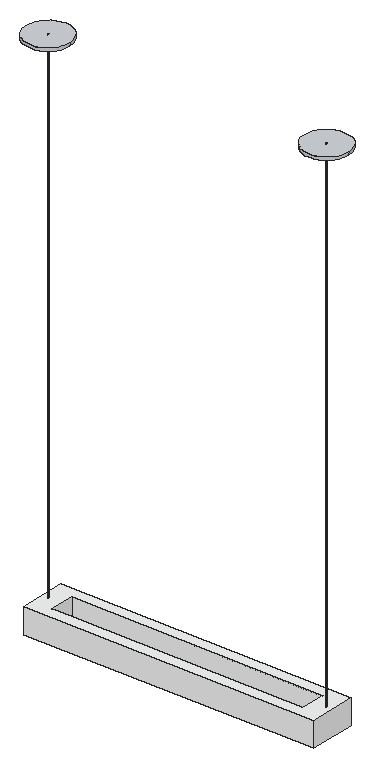
Revit family "QUBE", category Generic Models, Revit 2018
Family settings
  Can host rebar = No
  Round Connector Dimension = Use Diameter
  Part Type = Normal
  Work Plane-Based = Yes
  Always vertical = Yes
  Cut with Voids When Loaded = No
  Shared = No
  Room Calculation Point = No
Parameters (values of type "2'")
  Housing [instance] = Aluminum 6061
  HALF LENGTH [instance] = FIXTURE LENGTH - 0' 0 1/2"  # 1' - 0 79/128"
  FIXTURE TO LED [instance] = 0' - 2"
  FIXTURE LENGTH = 1' - 1 15/128"
  FIXTURE HOLE = FIXTURE LENGTH - 0' 1 3/4"  # 0' - 11 47/128"
  FIXTURE HEIGHT PLUS EXTRUSION [instance] = FIXTURE HEIGHT + 0' 2 1/4"  # 8' - 2 1/4"
  FIXTURE HEIGHT + [instance] = FIXTURE HEIGHT + 0' 2 1/4"  # 8' - 2 1/4"
  FIXTURE HEIGHT = 8' - 0"
  Default Elevation = 4' - 0"
  CEILING HEIGHT - 0.25" [instance] = CEILING - 0' 0 1/4"  # 11' - 11 3/4"
  CEILING = 12' - 0"
  8' = no
  6' = no
  4' = no
  2' = yes
Types (5): name | HALF LENGTH | FIXTURE LENGTH | FIXTURE HOLE | FIXTURE HEIGHT PLUS EXTRUSION | FIXTURE HEIGHT + | FIXTURE HEIGHT | CEILING HEIGHT - 0.25" | CEILING | 8' | 6' | 4' | 2'
  (no name) | 1' - 0 79/128" | 1' - 1 15/128" | 0' - 11 47/128" | 8' - 2 1/4" | 8' - 2 1/4" | 8' - 0" | 11' - 11 3/4" | 12' - 0" | no | no | no | yes
  2' | 1' - 0 79/128" | 1' - 1 15/128" | 0' - 11 47/128" | 8' - 2 1/4" | 8' - 2 1/4" | 8' - 0" | 11' - 11 3/4" | 12' - 0" | no | no | no | yes
  4' | 2' - 0 79/128" | 2' - 1 15/128" | 1' - 11 47/128" | 6' - 2 1/4" | 6' - 2 1/4" | 6' - 0" | 8' - 6.46882" | 8' - 6.71882" | no | no | yes | no
  6' | 3' - 0 79/128" | 3' - 1 15/128" | 2' - 11 47/128" | 6' - 2 1/4" | 6' - 2 1/4" | 6' - 0" | 8' - 6.46882" | 8' - 6.71882" | no | yes | no | no
  8' | 4' - 0 79/128" | 4' - 1 15/128" | 3' - 11 47/128" | 8' - 2 1/4" | 8' - 2 1/4" | 8' - 0" | 14' - 11 3/4" | 15' - 0" | yes | no | no | no
Reference planes (in)
  plane 1 "Center (Front/Back)": y = 0
  plane 2: z = 0
  plane 3 "Center (Left/Right)": x = 0
  plane 4 "fixture height": z = 96
  plane 5: x = -49.11719
  plane 6: z = 144
  plane 7: z = 98
Forms (in)
  Extrusion 1, solid, material "Aluminum 6061" <- "Housing"
    sketch origin (0, 0, 0) x (1, 0, 0) y (0, 1, 0)
      loop
        line (-13.11719, 2.115) -> (-13.11719, -2.115) -> (13.11719, -2.115) -> (13.11719, 2.115) -> (-13.11719, 2.115)
    from 96 <- "FIXTURE HEIGHT" to 98.25 <- "FIXTURE HEIGHT +"
  Extrusion 2, void
    sketch origin (0, 0, 0) x (1, 0, 0) y (0, 1, 0)
      loop
        line (-11.36719, 1.1075) -> (-11.36719, -1.1075) -> (11.36719, -1.1075) -> (11.36719, 1.1075) -> (-11.36719, 1.1075)
    from 96 <- "FIXTURE HEIGHT" to 98.25 <- "FIXTURE HEIGHT +"
  Extrusion 3, solid
    sketch origin (0, 0, 0) x (1, 0, 0) y (0, 1, 0)
      loop
        circle (-12.61719, 0) r 0.03125
      loop
        circle (12.61719, 0) r 0.03125
    from 98.25 <- "FIXTURE HEIGHT PLUS EXTRUSION" to 144 <- "CEILING"
  Extrusion 4, solid
    sketch origin (0, 0, 0) x (1, 0, 0) y (0, 1, 0)
      loop
        circle (-12.61719, 0) r 2
      loop
        circle (12.61719, 0) r 2
    from 143.75 <- "CEILING HEIGHT - 0.25"" to 144 <- "CEILING"
Cuts and joins
  Extrusion 2 cuts Extrusion 1
Dimensions and locks (in)
  "FIXTURE HEIGHT": plane 4 "fixture height" to level
  equal spacing: Extrusion 1 sketch curve, plane 1 "Center (Front/Back)", Extrusion 1 sketch curve
  plane 1 "Center (Front/Back)" to Extrusion 1 sketch curve = 0' - 2.115"
  equal spacing: Extrusion 1 sketch curve, plane 3 "Center (Left/Right)", Extrusion 1 sketch curve
  "FIXTURE LENGTH": Extrusion 1 sketch curve to plane 3 "Center (Left/Right)"
  equal spacing: Extrusion 1, Extrusion 2 sketch curve, Extrusion 2 sketch curve, Extrusion 1
  plane 5 to plane 3 "Center (Left/Right)" = 4' - 1 15/128"
  plane 5 to Extrusion 2 sketch curve = 3' - 1 3/4"
  equal spacing: Extrusion 2 sketch curve, plane 3 "Center (Left/Right)", Extrusion 2 sketch curve
  equal spacing: Extrusion 2 sketch curve, plane 1 "Center (Front/Back)", Extrusion 2 sketch curve
  plane 1 "Center (Front/Back)" to Extrusion 2 sketch curve = 0' - 1.1075"
  "FIXTURE HEIGHT PLUS EXTRUSION": cut or joined group of Extrusion 1, Extrusion 2 to level
  "CEILING": plane 6 to level
  equal spacing: Extrusion 3 sketch curve, plane 3 "Center (Left/Right)", Extrusion 3 sketch curve
  "HALF LENGTH": Extrusion 3 sketch curve to plane 3 "Center (Left/Right)"
  equal spacing: Extrusion 4 sketch curve, plane 3 "Center (Left/Right)", Extrusion 4 sketch curve
  "HALF LENGTH": Extrusion 4 sketch curve to plane 3 "Center (Left/Right)"
  "FIXTURE TO LED": plane 7 to plane 4 "fixture height"
  "FIXTURE HOLE": Extrusion 2 to plane 3 "Center (Left/Right)"
  equal spacing: cut or joined group of Extrusion 1, Extrusion 2, plane 3 "Center (Left/Right)", cut or joined group of Extrusion 1, Extrusion 2
  aligned and locked: plane 2 to level
  aligned and locked: plane 7 to nested 4
  aligned and locked: plane 7 to nested 3
  aligned and locked: plane 7 to nested 2
  aligned and locked: plane 7 to nested 1
Automatic sketch dimensions
  plane 1 "Center (Front/Back)" to Extrusion 3 sketch curve = 0' - 0"  (x2)
  plane 1 "Center (Front/Back)" to Extrusion 4 sketch curve = 0' - 0"  (x2)
  radius of Extrusion 3 sketch curve = 0' - 0 1/32"  (x2)
  radius of Extrusion 4 sketch curve = 0' - 2"  (x2)
Nested families (in)
  nested 1: "QUBE LIGHT" at (0, 8.60801, 44), visible <- "4'", type "4'"
  nested 2: "QUBE LIGHT" at (0, 8.60801, 44), visible <- "8'", type "8'"
  nested 3: "QUBE LIGHT" at (0, 8.60801, 44), visible <- "6'", type "6'"
  nested 4: "QUBE LIGHT" at (0, 8.60801, 44), visible <- "2'", type "2'"
Definition of nested family "QUBE LIGHT"
  Parameters (values of type "6'")
    Wattage = 16.1571 W
    built-in parameter 1150110 = 1 (stored number, unit not read)
    built-in parameter 1114217 = 1 (stored number, unit not read)
    Tilt Angle = 90.00°
    built-in parameter 1150109 = 1 (stored number, unit not read)
    built-in parameter 1150134 = (empty or 0)
    built-in parameter 1150113 = 1 (stored number, unit not read)
    Photometric Web File = "SRO-835-P-4-48A-MO4-W_ITL90038-GONIOPHOTOMETRY.ies"
    Lumens = 2400 lm
    built-in parameter 1150115 = 1 (stored number, unit not read)
    built-in parameter 1150105 = 190.99 (stored number, unit not read)
    built-in parameter 1150137 = (empty or 0)
    built-in parameter 1150139 = (empty or 0)
    built-in parameter 1150112 = 1 (stored number, unit not read)
    built-in parameter 1150114 = 1 (stored number, unit not read)
    built-in parameter 1150132 = 2
    built-in parameter 1150102 = (empty or 0)
    built-in parameter 1150138 = (empty or 0)
    built-in parameter 1150107 = 3000 (stored number, unit not read)
    built-in parameter 1150106 = 1.9099 (stored number, unit not read)
    Emit from Line Length = 6' - 0"
    built-in parameter 1150104 = 13.8 (stored number, unit not read)
    Dimming Lamp Color Temperature Shift = (empty or 0)
    Color Filter = 16777215
    built-in parameter 1114218 = 1 (stored number, unit not read)
    built-in parameter 1150133 = 10 (stored number, unit not read)
  Types (5): name | Emit from Line Length
    (no name) | 6' - 0"
    2' | 2' - 0"
    4' | 4' - 0"
    6' | 6' - 0"
    8' | 8' - 0"
  Reference planes (in)
    plane 1 "Light Source Axis (F/B)": y = -8.60801
    plane 2: z = 0
    plane 3 "Light Source Axis (L/R)": x = 0
    plane 4 "Light Source Elevation": z = 54
    plane 5: z = 0
  Dimensions and locks (in)
    aligned and locked: plane 3 "Light Source Axis (L/R)" to imposter light
    aligned and locked: plane 1 "Light Source Axis (F/B)" to imposter light
    aligned and locked: plane 4 "Light Source Elevation" to imposter light
    aligned and locked: level to plane 5
